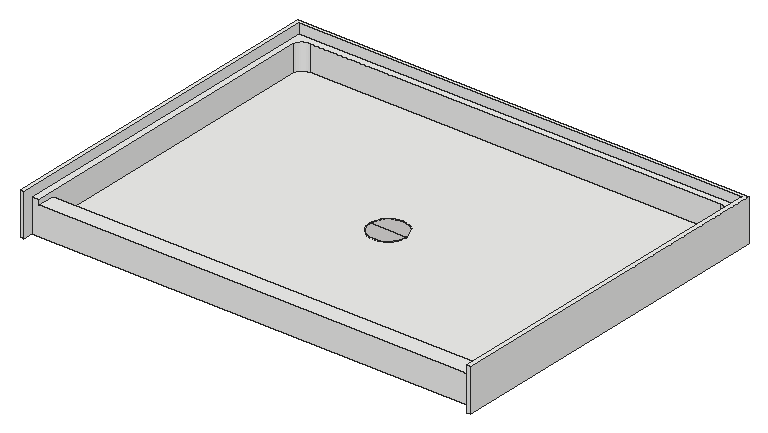
Revit family "Plumbing-Fixtures_Accessibility-Professionals-Inc_48x37-Freedom-Easy-Step-Shower-Pan", category Plumbing Fixtures, Revit 2026
Family settings
  Round Connector Dimension = Use Diameter
  Part Type = Normal
  Classification Number = 23.45.05.14.11.21
  Work Plane-Based = No
  Enable Cutting in Views = No
  Always vertical = Yes
  Cut with Voids When Loaded = No
  Maintain Annotation Orientation = No
  Shared = No
  Room Calculation Point = No
Parameters (values of type "48" x 37" Freedom Easy Step Shower Pan")
  Width = 48"  # constant formula
  Vertical Drain Offset = 24"  # constant formula
  Version = 1  # constant formula
  URL = "https://www.freedomshowers.com"
  Threshold Height = 3"  # constant formula
  Internal Wall Offset Side = (Width - 45 3/4") / 2  # 1 1/8"
  Interior Width = 45 3/4"  # constant formula
  Interior Depth = 34 7/8"  # constant formula
  Product data url = ""
  Product Page URL = "https://www.freedomshowers.com/Shower-Pans/Easy-Access-Walk-In-Shower-Pans/APF4836SHPAN"
  Product Material = Freedom Showers by Accessibility Professionals Inc. - Fiberglass Acrylic - White
  Product Documentation Link = "https://www.freedomshowers.com/index.php?route=product/product.getProductAttachmentFile&attachment_id=2060686"
  Model = "APF4836SHPAN"  # constant formula
  Manufacturer = "Freedom Showers by Accessibility Professionals Inc."  # constant formula
  Keynote = "22 40 00.B5"
  Horizontal Drain Offset = 18"  # constant formula
  Height = 4 1/2"  # constant formula
  Construction_Type One-Piece [instance] = yes
  Internal Wall Offset Back = 1 1/8"  # constant formula
  Construction_Type Multi-Piece [instance] = not([Construction_Type One-Piece])  # no
  ADA_Compliant [instance] = no
  Flow = 0 GPM
  Drain Diameter = 2"
  Description = "The 48” x 37\" walk in shower pan is specially designed for replacing an existing shower or fitting into a smaller bathroom space. The low 3” curb is easy to step over and can accommodate a shower door if desired. Freedom pre-fabricated shower pans are made with fiberglass with applied acrylic surface, 30-year warranty, made in the USA."  # constant formula
  Depth = 37"  # constant formula
  Default Elevation = 0"
  Date Updated = ""
  Date Created = "2025/11/24"  # constant formula
  Assembly Code = "D2010.60"
Reference planes (in)
  plane 1 "Center (Front/Back)": y = 0
  plane 2: z = 0
  plane 3 "Center (Left/Right)": x = 0
  plane 4: x = 24
  plane 5: x = -24
  plane 6: y = 18.5
  plane 7: y = -18.5
  plane 8 "Drain Vertical": x = 0
  plane 9 "Drain Horizontal": y = 0.5
  plane 10: y = -16.16892
  plane 11: y = -1.48047
  plane 12: z = 4.5
  plane 13: z = 3.5
  plane 14: z = 3
Forms (in)
  Extrusion 1, solid, material "Freedom Showers by Accessibility Professionals Inc. - Fiberglass Acrylic - White" <- "Product Material", detail levels medium+fine
    sketch origin (0, 0, 0) x (0, 1, 0) y (0, 0, 1)
      loop
        line (-15.625, 0.75) -> (-15.625, 3) -> (-17.5, 3) -> (-17.5, 0) -> (17.47179, 0) -> (17.47179, 0.75) -> (-15.625, 0.75)
    from -22.875 to 22.875
  Revolve 2, void, detail levels medium+fine
    sketch origin (0, -2.55546, 48) x (0, 1, 0) y (0, 0, 1)
      loop
        line (3.05546, -47.75) -> (3.05546, -47.25) -> (1.10295, -47.25) -> (1.60295, -47.75) -> (3.05546, -47.75)
      axis (3.05546, -47.75) -> (3.05546, -47.25)
    angle from 0 to 360
  Extrusion 3, solid, material "Freedom Showers by Accessibility Professionals Inc. - Fiberglass Acrylic - White" <- "Product Material", detail levels coarse
    sketch origin (-44.52563, -180, 35) x (-1, 0, 0) y (0, -1, 0)
      loop
        line (-20.52563, -198.5) -> (-20.52563, -162.5) -> (-68.52563, -162.5) -> (-68.52563, -198.5) -> (-20.52563, -198.5)
    from -35 to -32
  Revolve 4, solid, material "Freedom Showers by Accessibility Professionals Inc. - Steel - Stainless", detail levels medium+fine
    sketch origin (-40.03751, 0.5, 48) x (-1, 0, 0) y (0, 0, 1)
      loop
        line (-38.085, -47.25) -> (-40.03751, -47.25) -> (-40.03751, -47.375) -> (-38.21, -47.375) -> (-38.085, -47.25)
      axis (-40.03751, -47.25) -> (-40.03751, -47.375)
    angle from 0 to 360
  Sweep 5, solid, material "Freedom Showers by Accessibility Professionals Inc. - Fiberglass Acrylic - White" <- "Product Material", detail levels medium+fine
    path origin (0, 0, 0) x (1, 0, 0) y (0, 1, 0)
      loop
        line (24, -18.5) -> (24, 18.5) -> (-24, 18.5) -> (-24, -18.5)
    profile origin (0, 18.5, 0) x (0, -1, 0) y (0, 0, 1)
      loop
        line (0, 4.5) -> (0, 0) -> (0.37638, 0) -> (0.37638, 4.5) -> (0, 4.5)
  Extrusion 6, solid, material "Freedom Showers by Accessibility Professionals Inc. - Fiberglass Acrylic - White" <- "Product Material", detail levels coarse
    sketch origin (0, 0, 0) x (1, 0, 0) y (0, 1, 0)
      loop
        line (-24, 18.5) -> (-24, -18.5) -> (-22.875, -18.5) -> (-22.875, 17.375) -> (22.875, 17.375) -> (22.875, -18.5) -> (24, -18.5) -> (24, 18.5) -> (-24, 18.5)
    from 0 to 4.5
  Extrusion 7, solid, material "Freedom Showers by Accessibility Professionals Inc. - Fiberglass Acrylic - White" <- "Product Material", detail levels medium+fine
    sketch origin (0, 0, 0) x (1, 0, 0) y (0, 1, 0)
      loop
        line (-23.62362, -17.5) -> (-22.875, -17.5) -> (-22.875, 16.375)
        arc (-22.875, 16.375) -> (-22.58211, 17.08211) -> (-21.875, 17.375) r 1
        line (-21.875, 17.375) -> (21.875, 17.375)
        arc (21.875, 17.375) -> (22.58211, 17.08211) -> (22.875, 16.375) r 1
        line (22.875, 16.375) -> (22.875, -17.5) -> (23.62362, -17.5) -> (23.62362, 18.12362) -> (-23.62362, 18.12362) -> (-23.62362, -17.5)
    from 0 to 3.5
Cuts and joins
  Revolve 2 cuts Extrusion 1
  joined: Extrusion 1, Sweep 5, Extrusion 7
  joined: Extrusion 3, Extrusion 6
Lines and regions (in)
  Masking region 1, detail levels medium+fine
    outline origin (0, 0, 0) x (1, 0, 0) y (0, 1, 0)
      loop
        line (-24, 18.5) -> (-24, -18.5) -> (-23.62362, -18.5) -> (-23.62362, -17.5) -> (23.62362, -17.5) -> (23.62362, -18.5) -> (24, -18.5) -> (24, 18.5) -> (-24, 18.5)
  Masking region 2, detail levels coarse
    outline origin (0, 0, 0) x (1, 0, 0) y (0, 1, 0)
      loop
        line (-24, 18.5) -> (-24, -18.5) -> (24, -18.5) -> (24, 18.5) -> (-24, 18.5)
  symbolic lines, style "PlumbingFixturesHiddenLines", detail levels medium+fine
    curve 1: line (-22.68206, 16.96547, 0) -> (-1.58008, 1.64702, 0)
    curve 2: line (22.68434, 16.96235, 0) -> (1.58024, 1.6468, 0)
    curve 3: line (1.59586, -0.62495, 0) -> (22.875, -15.625, 0)
    curve 4: line (-1.59586, -0.62495, 0) -> (-22.875, -15.625, 0)
  model lines, detail levels medium+fine
    curve 5: line (-1.58008, 1.64702, 0.75) -> (-22.68206, 16.96547, 0.75)
    curve 6: line (1.58024, 1.6468, 0.75) -> (22.68434, 16.96235, 0.75)
    curve 7: line (1.59586, -0.62495, 0.75) -> (22.875, -15.625, 0.75)
    curve 8: line (-1.59586, -0.62495, 0.75) -> (-22.875, -15.625, 0.75)
  symbolic lines, detail levels medium+fine
    curve 9: line (-22.875, -15.625, 0) -> (-22.875, 16.375, 0)
    curve 10: arc (-22.875, 16.375, 0) -> (-22.58211, 17.08211, 0) -> (-21.875, 17.375, 0) r 1
    curve 11: line (-21.875, 17.375, 0) -> (21.875, 17.375, 0)
    curve 12: arc (21.875, 17.375, 0) -> (22.58211, 17.08211, 0) -> (22.875, 16.375, 0) r 1
    curve 13: line (22.875, 16.375, 0) -> (22.875, -15.625, 0)
    curve 14: line (22.875, -17.5, 0) -> (23.62362, -17.5, 0)
    curve 15: line (23.62362, -17.5, 0) -> (23.62362, 18.12362, 0)
    curve 16: line (23.62362, 18.12362, 0) -> (-23.62362, 18.12362, 0)
    curve 17: line (-23.62362, 18.12362, 0) -> (-23.62362, -17.5, 0)
    curve 18: line (-23.62362, -17.5, 0) -> (-22.875, -17.5, 0)
    curve 19: line (22.875, -15.625, 0) -> (-22.875, -15.625, 0)
    curve 20: arc (1.95251, 0.5, 0) -> (0, 2.45251, 0) -> (-1.95251, 0.5, 0) r 1.95251
    curve 21: arc (-1.95251, 0.5, 0) -> (0, -1.45251, 0) -> (1.95251, 0.5, 0) r 1.95251
  symbolic lines, detail levels coarse
    curve 22: line (-22.875, -18.5, 0) -> (-22.875, 17.375, 0)
    curve 23: line (-22.875, 17.375, 0) -> (22.875, 17.375, 0)
    curve 24: line (22.875, 17.375, 0) -> (22.875, -18.5, 0)
Dimensions and locks (in)
  equal spacing: plane 5, plane 3 "Center (Left/Right)", plane 4
  "Width": plane 5 to plane 4
  equal spacing: plane 7, plane 1 "Center (Front/Back)", plane 6
  "Depth": plane 7 to plane 6
  "Vertical Drain Offset": plane 5 to plane 8 "Drain Vertical"
  "Horizontal Drain Offset": plane 9 "Drain Horizontal" to plane 6
  locked: plane 10 to plane 7 at 2.33108
  Revolve 2 sketch curve to Revolve 2 sketch curve to Revolve 2 sketch curve = 1.45251" locked, 1/2" locked
  locked: plane 1 "Center (Front/Back)" to plane 11 at 1.48047
  "Height": plane 12 to level
  plane 8 "Drain Vertical" to Revolve 4 sketch curve to Revolve 4 sketch curve = 1.82751" locked, 1/8" locked
  locked: plane 13 to level at 3.5
  locked: plane 7 to Extrusion 7 sketch curve at 1
  locked: Extrusion 7 sketch curve to plane 6 at 0.37638
  locked: Extrusion 7 sketch curve to plane 4 at 0.37638
  locked: plane 5 to Extrusion 7 sketch curve at 0.37638
  "Internal Wall Offset Back": Extrusion 7 sketch curve to plane 6
  "Internal Wall Offset Side": plane 5 to Extrusion 7 sketch curve
  "Internal Wall Offset Side": Extrusion 7 sketch curve to plane 4
  plane 6 to Extrusion 1 sketch curve = 1.02821"
  locked: Extrusion 1 sketch curve to plane 7 at 1
  locked: Extrusion 1 sketch curve to level at 3
  locked: Extrusion 1 sketch curve to Extrusion 1 sketch curve at 1.875
  "Internal Wall Offset Side": plane 5 to Extrusion 6 sketch curve
  "Internal Wall Offset Side": Extrusion 6 sketch curve to plane 4
  "Internal Wall Offset Back": Extrusion 6 sketch curve to plane 6
  locked: plane 7 to Extrusion 3 sketch curve at 1
  "Threshold Height": plane 14 to level
  aligned and locked: plane 2 to level
  aligned and locked: level to Extrusion 1 sketch curve
  aligned and locked: Revolve 2 sketch curve to plane 9 "Drain Horizontal"
  aligned and locked: Extrusion 3 sketch curve to plane 5
  aligned and locked: Extrusion 3 sketch curve to plane 6
  aligned and locked: Extrusion 3 sketch curve to plane 4
  aligned and locked: Extrusion 3 to level
  aligned and locked: Revolve 4 sketch curve to plane 8 "Drain Vertical"
  aligned and locked: plane 8 "Drain Vertical" to Revolve 4 sketch curve
  aligned and locked: Sweep 5 sketch curve to plane 6  (x2)
  aligned and locked: Sweep 5 sketch curve to plane 5
  aligned and locked: Sweep 5 sketch curve to plane 4
  aligned and locked: plane 7 to Sweep 5 sketch curve  (x2)
  aligned and locked: Sweep 5 sketch curve to level
  aligned and locked: Extrusion 6 sketch curve to plane 5
  aligned and locked: Extrusion 6 sketch curve to plane 6
  aligned and locked: Extrusion 6 sketch curve to plane 4
  aligned and locked: Extrusion 6 sketch curve to plane 7
  aligned and locked: Extrusion 6 to level
  aligned and locked: plane 12 to Extrusion 6
  aligned and locked: Extrusion 7 to level
  aligned and locked: Extrusion 7 to plane 13
  aligned and locked: Sweep 5 sketch curve to plane 12
  aligned and locked: Extrusion 1 to Extrusion 7  (x2)
  aligned and locked: cut or joined group of Extrusion 3, Extrusion 6 to cut or joined group of Extrusion 1, Revolve 2, Sweep 5, Extrusion 7
  aligned and locked: curve 8 to curve 4
  aligned and locked: curve 7 to curve 3
  aligned and locked: curve 2 to curve 6
  aligned and locked: curve 1 to curve 5
  aligned and locked: cut or joined group of Extrusion 1, Revolve 2, Sweep 5, Extrusion 7 to curve 9
  aligned and locked: curve 10 to cut or joined group of Extrusion 1, Revolve 2, Sweep 5, Extrusion 7
  aligned and locked: curve 11 to cut or joined group of Extrusion 1, Revolve 2, Sweep 5, Extrusion 7
  aligned and locked: curve 12 to cut or joined group of Extrusion 1, Revolve 2, Sweep 5, Extrusion 7
  aligned and locked: curve 13 to cut or joined group of Extrusion 1, Revolve 2, Sweep 5, Extrusion 7
  aligned and locked: cut or joined group of Extrusion 1, Revolve 2, Sweep 5, Extrusion 7 to curve 14
  aligned and locked: curve 15 to cut or joined group of Extrusion 1, Revolve 2, Sweep 5, Extrusion 7
  aligned and locked: curve 16 to cut or joined group of Extrusion 1, Revolve 2, Sweep 5, Extrusion 7
  aligned and locked: curve 17 to cut or joined group of Extrusion 1, Revolve 2, Sweep 5, Extrusion 7
  aligned and locked: curve 18 to cut or joined group of Extrusion 1, Revolve 2, Sweep 5, Extrusion 7
  aligned and locked: curve 19 to cut or joined group of Extrusion 1, Revolve 2, Sweep 5, Extrusion 7
  aligned and locked: curve 20 to Revolve 4
  aligned and locked: curve 21 to Revolve 4
  aligned and locked: Masking region 1 sketch curve to plane 5
  aligned and locked: Masking region 1 sketch curve to plane 6
  aligned and locked: Masking region 1 sketch curve to plane 4
  aligned and locked: Masking region 1 sketch curve to plane 7
  aligned and locked: Masking region 1 sketch curve to cut or joined group of Extrusion 1, Revolve 2, Sweep 5, Extrusion 7  (x2)
  aligned and locked: cut or joined group of Extrusion 1, Revolve 2, Sweep 5, Extrusion 7 to Masking region 1 sketch curve
  aligned and locked: curve 22 to cut or joined group of Extrusion 3, Extrusion 6
  aligned and locked: curve 23 to cut or joined group of Extrusion 3, Extrusion 6
  aligned and locked: curve 24 to cut or joined group of Extrusion 3, Extrusion 6
  aligned and locked: Masking region 2 sketch curve to plane 5
  aligned and locked: Masking region 2 sketch curve to plane 6
  aligned and locked: Masking region 2 sketch curve to plane 4
  aligned and locked: Masking region 2 sketch curve to plane 7
Automatic sketch dimensions
  Revolve 2 sketch curve to plane 9 "Drain Horizontal" = 0"
  Revolve 2 sketch curve to level = 12"
  Revolve 2 sketch curve to Revolve 2 sketch curve = 95 1/4"
  Revolve 4 sketch curve to level = 12"
  plane 12 to Revolve 4 sketch curve = 91 1/2"
  Sweep 5 sketch curve to profile plane = 0.37638"
  curve 8 to plane 3 "Center (Left/Right)" = 1.59586"
  curve 8 to plane 9 "Drain Horizontal" = 1.12495"
  plane 10 to curve 7 = 0.54392"
  plane 10 to curve 8 = 0.54392"
  plane 6 to curve 6 = 1.53765"
  plane 6 to curve 5 = 1.53453"
  curve 6 to plane 4 = 1.31566"
  curve 7 to plane 4 = 1 1/8"
  plane 5 to curve 5 = 1.31794"
  plane 5 to curve 8 = 1 1/8"
  plane 9 "Drain Horizontal" to curve 6 = 1.1468"
  plane 3 "Center (Left/Right)" to curve 6 = 1.58024"
  plane 9 "Drain Horizontal" to curve 5 = 1.14702"
  curve 5 to plane 3 "Center (Left/Right)" = 1.58008"
  plane 3 "Center (Left/Right)" to curve 7 = 1.59586"
  curve 7 to plane 9 "Drain Horizontal" = 1.12495"
  plane 7 to Masking region 1 sketch curve = 0"
  level to Extrusion 1 sketch curve = 3/4"
  level to Revolve 2 sketch curve = 1/4"
  Revolve 2 sketch curve to Revolve 2 sketch curve = 1/2"
  level to Revolve 4 sketch curve = 5/8"
  Revolve 4 sketch curve to Revolve 4 sketch curve = 1/8"
  plane 7 to curve 22 = 0"
  plane 7 to curve 24 = 0"
  plane 5 to curve 11 = 2 1/8"
  curve 23 to curve 10 = 1"
  plane 10 to curve 19 = 0.54392"
  plane 5 to curve 16 = 0.37638"
  curve 12 to curve 13 = 1"
  curve 2 to curve 23 = 0.19066"
  curve 15 to plane 4 = 0.37638"
  curve 18 to plane 7 = 1"
  curve 15 to plane 7 = 1"
  curve 2 to curve 23 = 0.41265"
  plane 6 to curve 16 = 0.37638"
  curve 14 to curve 14 = 0.74862"
  plane 7 to Extrusion 6 sketch curve = 0"
  Extrusion 7 sketch curve to Extrusion 7 sketch curve = 1"  (x2)
  Extrusion 7 sketch curve to plane 7 = 1"
Connectors (in)
  piping at (0, 0.5, 0.25), diameter 2, driven by "Flow", driven by "Drain Diameter"
    settings: on cut or joined group of Extrusion 1, Revolve 2, Sweep 5, Extrusion 7, index 1, connector inside diameter 24", connector length 0", flow factor 0, pipe flow 0 GPM, pressure drop 0.00 psi, fitting loss kfactor 0, connector angle 0.00°, fixture units 0, engagement length 0", angle of deflection 0.00°, flow configuration 0, flow direction 2, fitting loss method 0, system type 16, joint type 0, gender type 0, connector reference index -1, connector utility 0, adjustable connector no, is connector primary yes, connector description "Drain"
